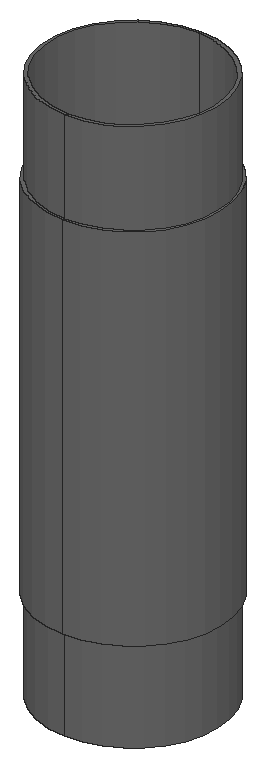
Revit family "Projector_Mount_Accessory-Chief-Extension-Fixed-CMS006", category Specialty Equipment, Revit 2012
Parameters (values of type "CMS006")
  ecoScorecard_data = ""
  ecoScorecard Product Page = "http://ecoscorecard.com/"
  Width = 0' - 1.9"  # constant formula
  Weight Capacity = 500.00 lbf
  URL = "http://www.chiefmfg.com/"
  Subcategory = "Projector Mount Accessories"  # constant formula
  Product Page URL = "http://www.chiefmfg.com/Products/CMS006"
  Product Line = "Extension-Fixed"  # constant formula
  Product Color = "Black"
  Model = "CMS006"
  Material Finish = Metal - Chief - Black
  Manufacturer Toll Free Phone = "800.582.6480"  # constant formula
  Manufacturer Phone = "952.894.6280"  # constant formula
  Manufacturer Fax = "877.894.6918"  # constant formula
  Manufacturer Email = "mailto:chief@chiefmfg.com"
  Manufacturer Address = "6436 City West Parkway, Eden Prairie, MN 55344 USA "  # constant formula
  Manufacturer = "Chief"  # constant formula
  Manual and Installation URL = "http://downloads.chiefmfg.com/MANUALS-I/CMSSeries_Ext_Columns-I.pdf"
  Length [instance] = 0' - 6"  # constant formula
  Height = 0' - 1.9"  # constant formula
  Description = "Projector Mount Accessory - Extension Column, Fixed"  # constant formula
  Cost Info = "http://www.chiefmfg.com/Wheretobuy"
  Certification = "TÜV Certified, UL Listed"
  CAD Drawings URL = "http://downloads.chiefmfg.com/CAD-Drawings-W/CMS_Fixed_Length_Pipes-W.DWG"
  Assembly Code = "E1020500"
  95 CSI = "11130"  # constant formula
  04 CSI = "11 52 00"  # constant formula
Types (4): name | Product Page URL | Product Color | Model | Material Finish
  (no name) | "http://www.chiefmfg.com/Products/CMS006" | "Black" | "CMS006" | Metal - Chief - Black
  CMS006 | "http://www.chiefmfg.com/Products/CMS006" | "Black" | "CMS006" | Metal - Chief - Black
  CMS006S | "http://www.chiefmfg.com/Products/CMS006S" | "Silver" | "CMS006S" | Metal - Chief - Silver
  CMS006W | "http://www.chiefmfg.com/Products/CMS006W" | "White" | "CMS006W" | Metal - Chief - White
Reference planes (in)
  plane 1 "Center (Front/Back)": y = 0
  plane 2: z = 0
  plane 3 "Center (Left/Right)": x = 0
  plane 4: z = 6
  plane 5: x = -0.95
  plane 6: x = 0.95
  plane 7: y = 0.95
  plane 8: y = -0.95
  plane 9: z = 0
Forms (in)
  Revolve 1, solid, material "Metal - Chief - Black" <- "Material Finish"
    sketch origin (0, 0, 0) x (0, 1, 0) y (0, 0, 1)
      loop
        line (-0.95, 5) -> (-0.95, 1) -> (-0.91747, 1) -> (-0.91747, 0) -> (-0.88356, 0) -> (-0.88356, 6) -> (-0.91747, 6) -> (-0.91747, 5) -> (-0.95, 5)
      axis (0, 6) -> (0, 0)
    angle from 0 to 360
Lines and regions (in)
  Masking region 1
    outline origin (0, 0, 0) x (1, 0, 0) y (0, 1, 0)
      loop
        circle (0, 0) r 0.95
  symbolic lines, detail levels medium+fine
    curve 1: arc (0, -0.91747, 0) -> (-0.91747, 0, 0) -> (0, 0.91747, 0) r 0.91747
    curve 2: arc (0, 0.91747, 0) -> (0.91747, 0, 0) -> (0, -0.91747, 0) r 0.91747
  symbolic lines, detail levels fine
    curve 3: arc (0, 0.88356, 0) -> (0.88356, 0, 0) -> (0, -0.88356, 0) r 0.88356
    curve 4: arc (0, -0.88356, 0) -> (-0.88356, 0, 0) -> (0, 0.88356, 0) r 0.88356
Dimensions and locks (in)
  "Length": plane 4 to plane 9
  equal spacing: plane 5, plane 3 "Center (Left/Right)", plane 6
  "Width": plane 5 to plane 6
  equal spacing: plane 7, plane 1 "Center (Front/Back)", plane 8
  "Height": plane 7 to plane 8
  locked: plane 4 to Revolve 1 sketch curve at 1
  locked: Revolve 1 sketch curve to level at 1
  locked: Revolve 1 sketch curve to plane 8 at 0.06644
  aligned and locked: level to plane 2
  aligned and locked: Revolve 1 sketch curve to plane 1 "Center (Front/Back)"
  aligned and locked: level to Revolve 1 sketch curve
  aligned and locked: plane 4 to Revolve 1 sketch curve
  aligned and locked: plane 8 to Revolve 1 sketch curve
  aligned and locked: level to plane 9
Automatic sketch dimensions
  plane 8 to Revolve 1 sketch curve = 0' - 0.03253"  (x2)
  Revolve 1 sketch curve to level = 0' - 2.49507"
  plane 4 to Revolve 1 sketch curve = 0' - 1.50493"
